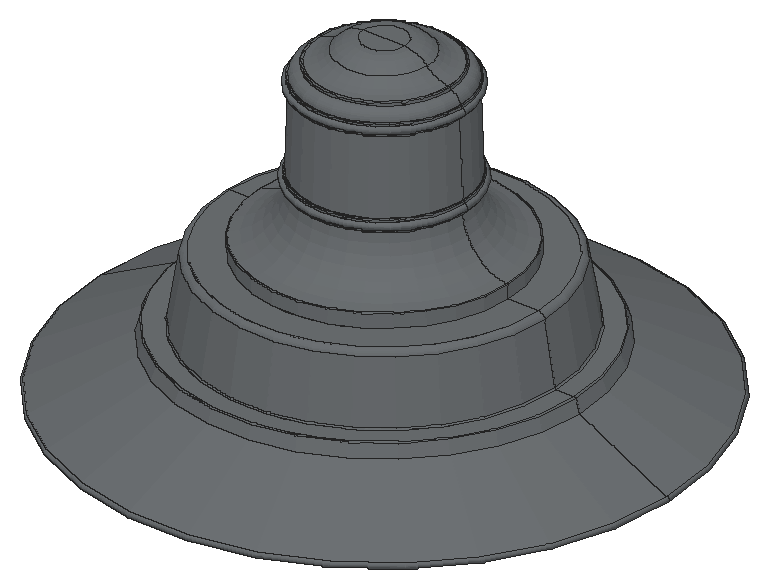
Revit family "Neri_Light 22_SU223L-Pooo", category Apparecchi per illuminazione, Revit 2018
Family settings
  Quota connettore circolare = Usa diametro
  Tipo di parte = Normale
  Numero OmniClass = 23.35.47.11
  Basato su piano di lavoro = No
  Sempre verticale = Sì
  Taglio con vuoti quando caricato = No
  Sorgente d'illuminazione = Sì
  Condiviso = No
  Punto di calcolo locali = No
Parameters (values of type "SU223L_NLG11")
  SDCM = "5 Steps"
  Region North America = "All"
  Overvoltage protection = "4kV/4kV (differential / common mode)"
  Material Secondary = "Hot galvanized steel"
  Luminaire Classification System = "BUG: B2 U0 G2"
  LOR = "100 %"
  Diametre = "2' - 3 5/8\""
  Weight = "25.35 lb"
  Wattage = 50.4908 W
  W = "73"
  Voltage = "120-277V"
  UniFormat II Description = "Lighting and Branch Wiring"
  UniFormat II Code = "D5020"
  URL = "https://www.nerinorthamerica.com/en/products/lighting/lighting-fixtures/light-22-led-p.aspx?idC=62849&LN=en-US"
  Region South America = "All"
  Region Oceania = "All"
  Region Middle East = "All"
  Region Europe = "All"
  Region Asia = "All"
  Region Africa = "All"
  Produttore = "Neri SpA"
  Product Name = "Light 22 - LED P"
  Product Certification = "UL Standard 1598 (C, US)"
  built-in parameter 1150110 = 1 (stored number, unit not read)
  Painting Steps = "Information about paint steps used in this product in specific technical sheet"
  Painting = "Standard color Dark Grey, type Neri - On demand features - Painting:colour of RAL range"
  Optics = "NLG11"
  Luminous Efficacy = "103 Lm/W"
  Lighting Distribution/Class = "Asymmetric - Roadways with sidewalk (Type II)"
  Immagine tipo = <Nessuno>
  IP = "66"
  Operative Temperature = "-22F° / + 104°F"
  OmniClass Description = "Lighting Fixtures"
  OmniClass Code = "23-35 47 11"
  NBS_UniClass2015 Description = "Roadway Lighting Systems"
  NBS_UniClass2015 Code = "Ss_70_80_25_70"
  Modello = "SU223L-P"
  MasterFormat 2016 Description = "Exterior Lighting"
  MasterFormat 2016 Code = "26 56 00"
  Manufacturer Name = "Neri SpA"
  Manufacturer Country = "Italy"
  Lampada = "LED"
  Installation Instructions = ""
  IK = "10"
  Height of Installation = "From 11.5' to 16.5'"
  Height = "1' - 3 3/8\""
  Frequency = "50-60 Hz"
  File diagramma fotometrico = "SU223L_NLG11.IES"
  built-in parameter 1114217 = 1 (stored number, unit not read)
  built-in parameter 1150109 = 1 (stored number, unit not read)
  Fasteners = "Stainless Steel"
  Estimated Life = "80.000 h (L85 - Ta 25°C)"
  EAN Code = ""
  Design Country = "Italy"
  Description = ""
  Data Sheet = "https://www.nerinorthamerica.com/supporto/DownloadNeri.ashx?f=SU223LUS.pdf&LN=en-US"
  Control = "COD 02= 1-10V + NCL,  COD 06= DALI + NCL, COD 14= NVL6H + NCL"
  Connection = "Suitable for suspended installation - Tube with thread coupling male G 3/4\""
  built-in parameter 1150134 = 12
  built-in parameter 1150113 = 1 (stored number, unit not read)
  Lumens = 7500 lm
  built-in parameter 1150115 = 1 (stored number, unit not read)
  built-in parameter 1150105 = 596.83 (stored number, unit not read)
  built-in parameter 1150137 = 1
  built-in parameter 1150139 = (empty or 0)
  built-in parameter 1150112 = 1 (stored number, unit not read)
  built-in parameter 1150114 = 1 (stored number, unit not read)
  built-in parameter 1150132 = 2
  built-in parameter 1150102 = (empty or 0)
  built-in parameter 1150138 = (empty or 0)
  built-in parameter 1150107 = 4000 (stored number, unit not read)
  built-in parameter 1150106 = 5.9683 (stored number, unit not read)
  built-in parameter 1150104 = 13.8 (stored number, unit not read)
  Dimming Lamp Color Temperature Shift = (empty or 0)
  Color Filter = 16777215
  built-in parameter 1114218 = 1 (stored number, unit not read)
  Material Main = Die-Cast and Sheet Aluminum
  Assembly Code = ""
  Class IES = "CutOff"
  CRI = ">70"
  EPA = "0.565 ft²"
  Tilt Angle = 90.00°
  built-in parameter 1150133 = 10 (stored number, unit not read)
Types (3, lengths in mm): name | Optics | Lighting Distribution/Class | File diagramma fotometrico
  (no name) | "NLG11" | "Asymmetric - Roadways with sidewalk (Type II)" | "SU223L_NLG11.IES"
  SU223L_NLG11 | "NLG11" | "Asymmetric - Roadways with sidewalk (Type II)" | "SU223L_NLG11.IES"
  SU223L_NLG12 | "NLG12" | "Asymmetric - Roadways with sidewalk (Type III)" | "SU223L_NLG12.IES"
Reference planes
  plane 1 "Asse sorgente illuminazione (F/B)": y = 635.815
  plane 2: z = 0
  plane 3 "Asse sorgente illuminazione (L/R)": x = 41.217
  plane 4 "Prospetto sorgente di illuminazione": z = 5003.089
Forms (mm)
  Revolve 1, solid, material "Die-Cast and Sheet Aluminum" <- "Material Main"
    sketch origin (40, 635.815, -3054.85) x (1, 0, 0) y (0, 0, 1)
      loop
        line (347.977, 8075.619) -> (240.232, 8129.413) -> (234.987, 8143.926)
        arc (234.987, 8143.926) -> (234.434, 8144.606) -> (233.596, 8144.864) r 1.511
        line (233.596, 8144.864) -> (210.907, 8144.864)
        arc (210.907, 8144.864) -> (209.829, 8145.311) -> (209.382, 8146.389) r 1.525
        line (209.382, 8146.389) -> (197.384, 8217.798)
        arc (197.384, 8217.798) -> (194.663, 8222.556) -> (189.505, 8224.409) r 7.924
        line (189.505, 8224.409) -> (152.469, 8224.409) -> (151.928, 8239.884)
        arc (151.928, 8239.884) -> (151.625, 8240.355) -> (151.117, 8240.589) r 1.001
        arc (151.117, 8240.589) -> (112.695, 8259.825) -> (95.983, 8299.409) r 62.047
        line (95.983, 8299.409) -> (97.245, 8299.409)
        arc (97.245, 8299.409) -> (97.74, 8299.591) -> (98, 8300.049) r 0.765
        line (98, 8300.049) -> (98, 8302.409)
        arc (98, 8302.409) -> (102, 8306.409) -> (98, 8310.409) r 4
        line (98, 8310.409) -> (98, 8312.829)
        arc (98, 8312.829) -> (97.83, 8313.239) -> (97.419, 8313.409) r 0.581
        line (97.419, 8313.409) -> (96.54, 8313.409)
        arc (96.54, 8313.409) -> (96.145, 8313.573) -> (95.981, 8313.968) r 0.559
        line (95.981, 8313.968) -> (93, 8403.409) -> (94.432, 8403.409)
        arc (94.432, 8403.409) -> (94.834, 8403.576) -> (95, 8403.977) r 0.568
        line (95, 8403.977) -> (95, 8406.409)
        arc (95, 8406.409) -> (99, 8410.409) -> (95, 8414.409) r 4
        line (95, 8414.409) -> (95, 8416.805)
        arc (95, 8416.805) -> (94.892, 8417.225) -> (94.5, 8417.409) r 0.509
        line (94.5, 8417.409) -> (93, 8417.409)
        arc (93, 8417.409) -> (89.485, 8425.895) -> (81, 8429.409) r 12
        line (81, 8429.409) -> (81, 8432.409)
        arc (81, 8432.409) -> (80.707, 8433.117) -> (80, 8433.409) r 1
        line (80, 8433.409) -> (78.669, 8433.409)
        arc (78.669, 8433.409) -> (64.435, 8437.223) -> (52.666, 8446.092) r 38.615
        arc (52.666, 8446.092) -> (40.142, 8455.191) -> (25, 8458.409) r 37.228
        line (25, 8458.409) -> (0, 8458.409) -> (0, 8057.939) -> (202.986, 8057.939) -> (202.986, 8054.939) -> (212.986, 8054.939) -> (212.986, 8124.939) -> (234.349, 8124.939) -> (346.498, 8068.947)
        arc (346.498, 8068.947) -> (349.842, 8071.705) -> (347.977, 8075.619) r 3.522
      axis (0, 8054.939) -> (0, 8458.409)
    angle from 0 to 360
Dimensions and locks
  aligned and locked: plane 3 "Asse sorgente illuminazione (L/R)" to imposter light
  aligned and locked: plane 1 "Asse sorgente illuminazione (F/B)" to imposter light
  aligned and locked: plane 4 "Prospetto sorgente di illuminazione" to imposter light
  aligned and locked: level to plane 2
